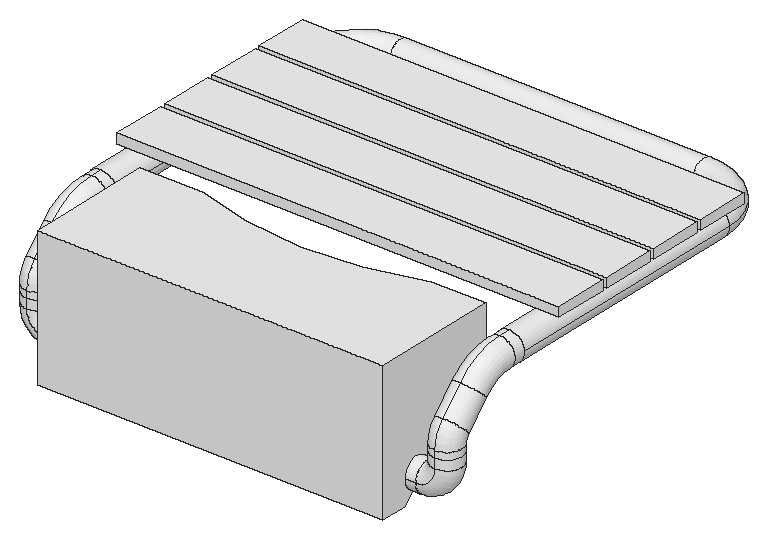
Revit family
Parameters (values of type "Shower Seat")
  Material Seat = Plastic - White
  Material Frame = Metal - Stainless Steel Polished
  Height of Seat = 580 mm
  Assembly Code = ""
Reference planes
  plane 1 "Center (Front/Back)": y = 0
  plane 2: z = 0
  plane 3 "Center (Left/Right)": x = 0
  plane 4: z = 580
  plane 5: y = 42.505
  plane 6: z = 555
Forms (mm)
  Extrusion 1, solid, material "Metal - Stainless Steel Polished" <- "Material Seat"
    sketch origin (0, 0, 0) x (0, 1, 0) y (0, 0, 1)
      loop
        line (0, 580) -> (0, 440) -> (27.62, 440) -> (130, 525.907) -> (130, 580) -> (0, 580)
    from -174.95 to 174.95
  Extrusion 2, void
    sketch origin (0, 0, 0) x (1, 0, 0) y (0, 1, 0)
      loop
        arc (-112.95, 130) -> (3.453, 108.804) -> (119.855, 130) r 330.225
        line (119.855, 130) -> (-112.95, 130)
    from 440 to 580
  Sweep 3, solid, material "Metal - Stainless Steel Polished" <- "Material Seat"
    path origin (-189.95, 42.505, 4000) x (-1, 0, 0) y (0, 0, 1)
      loop
        line (18, -3505) -> (18, -3515)
        arc (18, -3515) -> (12.142, -3529.142) -> (-2, -3535) r 20
        line (-2, -3535) -> (-376, -3535)
        arc (-376, -3535) -> (-390.142, -3529.142) -> (-396, -3515) r 20
        line (-396, -3515) -> (-396, -3505)
    profile origin (-207.95, 42.505, 490) x (0, 1, 0) y (-1, 0, 0)
      loop
        circle (0, 0) r 15
  Sweep 4, solid, material "Metal - Stainless Steel Polished" <- "Material Seat"
    path origin (206.05, 121.505, 4000) x (0, 1, 0) y (0, 0, 1)
      loop
        line (0, -3445) -> (-11.855, -3445)
        arc (-11.855, -3445) -> (-33.188, -3449.306) -> (-51.181, -3461.549) r 55
        line (-51.181, -3461.549) -> (-73.3, -3484.171)
        arc (-73.3, -3484.171) -> (-77.52, -3490.603) -> (-79, -3498.153) r 20
        line (-79, -3498.153) -> (-79, -3505)
    profile origin (206.05, 42.505, 495) x (0, -1, 0) y (1, 0, 0)
      loop
        circle (0, 0) r 15
      loop
        circle (0, -414) r 15
  Extrusion 5, solid, material "Plastic - White" <- "Material Seat"
    sketch origin (206.05, 121.505, 4000) x (0, 1, 0) y (0, 0, 1)
      loop
        line (40.373, -3420) -> (40.373, -3429.524) -> (95.373, -3429.524) -> (95.373, -3420) -> (40.373, -3420)
      loop
        line (100.373, -3420) -> (100.373, -3429.524) -> (155.373, -3429.524) -> (155.373, -3420) -> (100.373, -3420)
      loop
        line (160.373, -3420) -> (160.373, -3429.524) -> (215.373, -3429.524) -> (215.373, -3420) -> (160.373, -3420)
      loop
        line (220.373, -3420) -> (220.373, -3429.524) -> (275, -3429.524) -> (275, -3420) -> (220.373, -3420)
    from -429.874 to 18.126
  Sweep 6, solid, material "Metal - Stainless Steel Polished" <- "Material Seat"
    path origin (0, 121.505, 555) x (0, -1, 0) y (1, 0, 0)
      loop
        line (0, -207.95) -> (-260, -207.95)
        arc (-260, -207.95) -> (-297.477, -192.427) -> (-313, -154.95) r 53
        line (-313, -154.95) -> (-313, 153.05)
        arc (-313, 153.05) -> (-297.477, 190.526) -> (-260, 206.05) r 53
        line (-260, 206.05) -> (0, 206.05)
    profile origin (-207.95, 251.505, 555) x (-1, 0, 0) y (0, 0, 1)
      loop
        circle (0, 0) r 15
Cuts and joins
  Extrusion 2 cuts Extrusion 1
  joined: Extrusion 1, Sweep 3, Sweep 4, Sweep 6
Dimensions and locks
  "Height of Seat": plane 4 to level
  locked: plane 4 to plane 6 at 25
  aligned and locked: plane 4 to Extrusion 2
  aligned and locked: cut or joined group of Extrusion 1, Extrusion 2, Sweep 3, Sweep 4, Sweep 6 to Extrusion 2
  aligned and locked: plane 4 to Extrusion 5  (x3)
  aligned and locked: Extrusion 5 to plane 4
  aligned and locked: Extrusion 5 to Extrusion 5  (x3)
Automatic sketch dimensions
  Extrusion 1 sketch curve to plane 1 "Center (Front/Back)" = 0 mm
  Extrusion 1 sketch curve to plane 4 = 0 mm
  Extrusion 1 sketch curve to plane 1 "Center (Front/Back)" = 27.62 mm
  Extrusion 1 sketch curve to plane 4 = 54.093 mm
  Extrusion 1 sketch curve to plane 1 "Center (Front/Back)" = 130 mm
  Extrusion 1 sketch curve to Extrusion 1 sketch curve = 85.907 mm
  Extrusion 2 sketch curve to plane 3 "Center (Left/Right)" = 112.95 mm
  plane 3 "Center (Left/Right)" to Extrusion 2 sketch curve = 3.453 mm
  Extrusion 2 sketch curve to plane 1 "Center (Front/Back)" = 130 mm
  Extrusion 2 sketch curve to Extrusion 2 sketch curve = 309.029 mm
  plane 3 "Center (Left/Right)" to Sweep 3 sketch curve = 206.05 mm
  Sweep 3 sketch curve to Sweep 3 sketch curve = 20 mm  (x2)
  Sweep 3 sketch curve to plane 4 = 95 mm
  Sweep 3 sketch curve to plane 3 "Center (Left/Right)" = 187.95 mm
  Sweep 3 sketch curve to Sweep 3 sketch curve = 10 mm  (x2)
  Sweep 3 sketch curve to plane 5 = 0 mm
  Sweep 3 sketch curve to profile plane = 0 mm
  Sweep 4 sketch curve to plane 5 = 0 mm
  plane 5 to Sweep 4 sketch curve = 5.7 mm
  Sweep 4 sketch curve to Sweep 4 sketch curve = 20 mm
  plane 5 to Sweep 4 sketch curve = 27.819 mm
  Sweep 4 sketch curve to Sweep 4 sketch curve = 47.145 mm
  Sweep 4 sketch curve to Sweep 4 sketch curve = 11.855 mm
  Sweep 4 sketch curve to plane 4 = 80 mm
  Sweep 4 sketch curve to Sweep 4 sketch curve = 5 mm
  Sweep 4 sketch curve to Sweep 4 sketch curve = 6.847 mm
  Sweep 4 sketch curve to Sweep 4 sketch curve = 22.622 mm
  Sweep 4 sketch curve to profile plane = 0 mm  (x3)
  Extrusion 5 sketch curve to plane 4 = 0 mm  (x4)
  Extrusion 5 sketch curve to plane 4 = 9.524 mm  (x2)
  plane 5 to Extrusion 5 sketch curve = 119.373 mm
  Extrusion 5 sketch curve to Extrusion 5 sketch curve = 55 mm  (x3)
  Extrusion 5 sketch curve to Extrusion 5 sketch curve = 5 mm  (x3)
  Extrusion 5 sketch curve to Extrusion 5 sketch curve = 54.627 mm
  Extrusion 5 sketch curve to Extrusion 5 sketch curve = 0 mm  (x2)
  plane 5 to Sweep 6 sketch curve = 392 mm
  Sweep 6 sketch curve to Sweep 6 sketch curve = 53 mm  (x2)
  plane 5 to Sweep 6 sketch curve = 79 mm  (x2)
  Sweep 6 sketch curve to plane 3 "Center (Left/Right)" = 154.95 mm
  Sweep 6 sketch curve to plane 6 = 0 mm
  Sweep 6 sketch curve to profile plane = 0 mm
  Sweep 4 sketch curve to profile plane = 414 mm
  plane 3 "Center (Left/Right)" to Sweep 6 sketch curve = 153.05 mm
  radius of Sweep 3 sketch curve = 15 mm
  radius of Sweep 4 sketch curve = 15 mm  (x2)
  radius of Sweep 6 sketch curve = 15 mm
